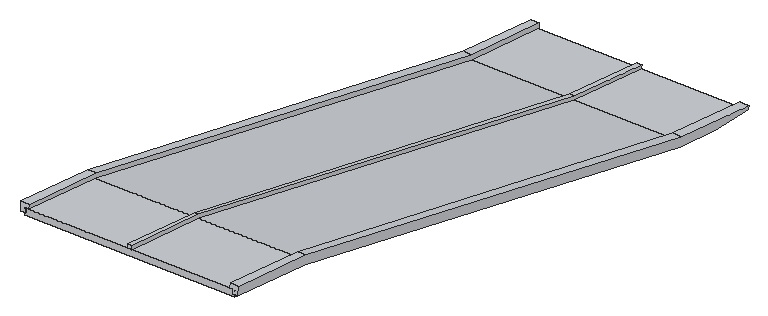
Revit family "2-lane parametric parking ramp", category Generic Models, Revit 7.0
Parameters
  curb center width = 0' - 6"
  TL = 10' - 0"
  SLH = 14' - 0"
  prl = (SLH - (2 * (TL * tan(Secondary Ramp Ange)))) * tan(90.00° - PRA)  # 55' - 11.70349"
  length = 3' - 2 75/128"
  brh = TL * tan(Secondary Ramp Ange)  # 1' - 0.61251"
  Secondary Ramp Ange = PRA / 2  # 6.00°
  RAMP_THICKNESS [instance] = 0' - 8 241/256"
  RAMP WIDTH = 25' - 0"
  PRA = 12.00°
Reference planes (in)
  plane 1 "Center (Front/Back)": y = 0
  plane 2: z = 0
  plane 3 "Center (Left/Right)": x = 0
  plane 4 "second level": z = 168
  plane 5 "End": y = -455.85174
  plane 6 "Start": y = 455.85174
  plane 7: y = 335.85174
  plane 8: y = -335.85174
  plane 9 "Bottom Ramp - Top": z = 12.61251
  plane 10: x = -300
  plane 11: x = -306
  plane 12: x = 6
  plane 13: x = -294
  plane 14: x = -6
  plane 15 "Ramp Centerline": x = -150
Forms (in)
  Sweep 1, solid
    path in 3D
      loop
        line (0, -455.85174, 168) -> (0, -335.85174, 155.38749) -> (0, 335.85174, 12.61251) -> (0, 455.85174, 0)
    profile origin (0, 395.85174, 6.30625) x (0, 0.104528, 0.994522) y (1, 0, 0)
      loop
        line (0, 0) -> (-8.82755, 0) -> (-8.82755, -300) -> (0, -300) -> (0, 0)
  Extrusion 2, void
    sketch origin (0, 0, 0) x (0, 1, 0) y (0, 0, 1)
      loop
        line (191.85174, 0) -> (191.85174, -60.68177) -> (455.85174, -60.68177) -> (455.85174, 0) -> (191.85174, 0)
    from 6 to -306
  Extrusion 3, void
    sketch origin (0, 0, 0) x (0, 1, 0) y (0, 0, 1)
      loop
        line (-455.85174, 168) -> (-483.85174, 168) -> (-483.85174, 12.61251) -> (-455.85174, 12.61251) -> (-455.85174, 168)
    from 0 to -300
  Sweep 4, solid
    path in 3D
      loop
        line (-300, -455.85174, 168) -> (-300, -335.85174, 155.38749) -> (-300, 335.85174, 12.61251) -> (-300, 455.85174, 0)
    profile origin (-300, 395.85174, 6.30625) x (0, -0.104528, -0.994522) y (-1, 0, 0)
      loop
        line (6, -2) -> (6, 6) -> (-6, 6) -> (-6, -6) -> (0, -6) -> (0, -2) -> (6, -2)
  Sweep 5, solid
    path in 3D
      loop
        line (0, -455.85174, 168) -> (0, -335.85174, 155.38749) -> (0, 335.85174, 12.61251) -> (0, 455.85174, 0)
    profile origin (0, 395.85174, 6.30625) x (0, 0.104528, 0.994522) y (1, 0, 0)
      loop
        line (-6, -2) -> (0, -2) -> (0, -6) -> (6, -6) -> (6, 6) -> (-6, 6) -> (-6, -2)
  Sweep 6, solid
    path in 3D
      loop
        line (-294, -455.85174, 168) -> (-294, -335.85174, 155.38749) -> (-294, 335.85174, 12.61251) -> (-294, 455.85174, 0)
    profile origin (-294, -395.85174, 161.69375) x (0, 0.104528, 0.994522) y (1, 0, 0)
      loop
        line (0, 141) -> (5, 141) -> (5, 147) -> (0, 147) -> (0, 141)
Cuts and joins
  Extrusion 2, Extrusion 3 cuts Sweep 1
  Extrusion 2 cuts Sweep 4
  Extrusion 2 cuts Sweep 5
Lines and regions (in)
  reference lines
    curve 1: line (0, 335.85174, 12.61251) -> (0, 455.85174, 0)
    curve 2: line (0, -455.85174, 168) -> (0, -335.85174, 155.38749)
    curve 3: line (0, -335.85174, 155.38749) -> (0, 335.85174, 12.61251)
  sketch lines
    curve 4: line (0, 335.85174, 12.61251) -> (0, 455.85174, 0)
    curve 5: line (0, -335.85174, 155.38749) -> (0, 335.85174, 12.61251)
    curve 6: line (0, -455.85174, 168) -> (0, -335.85174, 155.38749)
    curve 7: line (-300, 335.85174, 12.61251) -> (-300, 455.85174, 0)
    curve 8: line (-300, -335.85174, 155.38749) -> (-300, 335.85174, 12.61251)
    curve 9: line (-300, -455.85174, 168) -> (-300, -335.85174, 155.38749)
    curve 10: line (-294, -455.85174, 168) -> (-294, -335.85174, 155.38749)
    curve 11: line (-294, -335.85174, 155.38749) -> (-294, 335.85174, 12.61251)
    curve 12: line (-294, 335.85174, 12.61251) -> (-294, 455.85174, 0)
    curve 13: line (0, 335.85174, 12.61251) -> (0, 455.85174, 0)
    curve 14: line (0, -335.85174, 155.38749) -> (0, 335.85174, 12.61251)
    curve 15: line (0, -455.85174, 168) -> (0, -335.85174, 155.38749)
Dimensions and locks (in)
  "SLH": plane 4 "second level" to level
  equal spacing: plane 5 "End", plane 1 "Center (Front/Back)", plane 6 "Start"
  "TL": plane 5 "End" to plane 8
  "TL": plane 7 to plane 6 "Start"
  "prl": plane 8 to plane 7
  "brh": plane 9 "Bottom Ramp - Top" to level
  "RAMP WIDTH": plane 3 "Center (Left/Right)" to plane 10
  locked: plane 10 to plane 11 at 6
  locked: plane 12 to plane 3 "Center (Left/Right)" at 6
  locked: plane 13 to plane 10 at 6
  locked: plane 3 "Center (Left/Right)" to plane 14 at 6
  equal spacing: plane 14, plane 15 "Ramp Centerline", plane 13
  equal spacing: Sweep 6 sketch curve, plane 15 "Ramp Centerline", Sweep 6 sketch curve
  "curb center width": Sweep 6 sketch curve to Sweep 6 sketch curve
  "Secondary Ramp Ange": angle curve 1 to plane 9 "Bottom Ramp - Top"
  "Secondary Ramp Ange": angle curve 2 to plane 4 "second level"
  "PRA": angle curve 3 to level
  aligned and locked: plane 6 "Start" to curve 1
  aligned and locked: curve 2 to plane 5 "End"
  aligned and locked: plane 4 "second level" to curve 2
  aligned and locked: curve 2 to plane 8
  aligned and locked: curve 3 to plane 8
  aligned and locked: level to curve 1
  aligned and locked: plane 9 "Bottom Ramp - Top" to curve 3
  aligned and locked: plane 3 "Center (Left/Right)" to Sweep 1 sketch curve
  aligned and locked: Sweep 1 sketch curve to plane 10
  aligned and locked: Extrusion 2 sketch curve to level
  aligned and locked: plane 6 "Start" to Extrusion 2 sketch curve
  aligned and locked: Extrusion 3 sketch curve to plane 5 "End"
  aligned and locked: Extrusion 3 sketch curve to plane 9 "Bottom Ramp - Top"
  aligned and locked: plane 4 "second level" to Extrusion 3 sketch curve
  aligned and locked: plane 3 "Center (Left/Right)" to Extrusion 3
  aligned and locked: Extrusion 3 to plane 10
  aligned and locked: Sweep 4 to plane 11
  aligned and locked: Sweep 4 to Extrusion 2
Automatic sketch dimensions
  Sweep 1 sketch curve to profile plane = 0' - 0"
  Sweep 1 sketch curve to Sweep 1 sketch curve = 0' - 8.82755"
  Extrusion 2 sketch curve to level = 5' - 0.68177"
  Extrusion 3 sketch curve to Extrusion 3 sketch curve = 2' - 4"
  plane 7 to Extrusion 2 sketch curve = 12' - 0"
  Sweep 4 sketch curve to profile plane = 0' - 0"
  Sweep 4 sketch curve to profile plane = 0' - 6"  (x2)
  Sweep 4 sketch curve to profile plane = 0' - 2"
  Sweep 5 sketch curve to profile plane = 0' - 0"
  Sweep 5 sketch curve to profile plane = 0' - 6"
  profile plane to Sweep 5 sketch curve = 0' - 6"  (x2)
  Sweep 5 sketch curve to Sweep 5 sketch curve = 0' - 6"
  profile plane to Sweep 5 sketch curve = 0' - 2"
  profile plane to Sweep 4 sketch curve = 0' - 6"  (x2)
  Sweep 6 sketch curve to profile plane = 0' - 0"
  Sweep 6 sketch curve to Sweep 6 sketch curve = 0' - 5"
